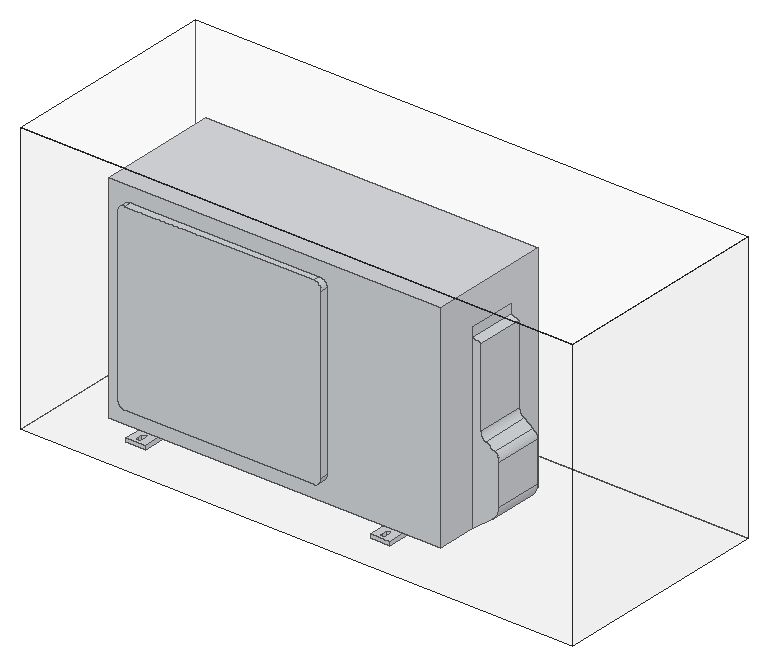
Revit family "mucz-g2556_23_60hz", category 機械設備, Revit 2019
Family settings
  丸型コネクタ寸法 = 直径を使用
  パーツ タイプ = 標準
  OmniClass 番号 = 23.75.10.24.21.27.27
  OmniClass タイトル = Split System Air Conditioning Units
  作業面ベース = いいえ
  常に垂直 = はい
  ロード時にボイドで切り取り = いいえ
  共有 = いいえ
  部屋計算ポイント = いいえ
Parameters (values of type "室外機_MUCZ-G2223(E,EE)")
  風量 = MAX風量  # 1370.0 m³/h
  音響パワーレベル(dB) = if([運転音(強冷房)  db] > [運転音(強暖房)  db], [運転音(強冷房)  db], [運転音(強暖房)  db])  # 59
  電源種別 = ""
  電圧 = 100 V
  電動機出力_送風機 = 22 W
  電動機出力_圧縮機 = 600 W
  運転音(強暖房)  db = 59
  運転音(強冷房)  db = 59
  運転質量 = 0.00 kg
  運転方法 = "冷暖切替"
  質量 = if(製品質量 > 運転質量, 製品質量, 運転質量) * 1.2  # 22.80 kg
  負荷分類 = 10_ファンコイル類
  説明 = "ルームエアコン(霧ヶ峰) GVシリーズ 室外ユニット"
  設計暖房能力 [instance] = 0 kW
  設計冷房能力_顕熱 [instance] = 0 kW
  設計冷房能力 [instance] = 0 kW
  設置方法 = "床置形"
  記号 [instance] = ""
  製造元 = "三菱電機株式会社"
  製品質量 = 19.00 kg
  製品出荷対象 = "国内"
  製品リリース年月 = "-"
  製品グループ = ""
  系統 [instance] = ""
  符号 = "ACR"
  積算_科目 = "1 空気調和設備"
  積算_拾い区分 [instance] = ""
  相 = 1
  盤記号 [instance] = ""
  発停方法 = "付属スイッチ"
  特殊仕様 [instance] = ""
  法定耐用年数 = "6"
  構成品番 = ""
  極数 = 1
  材質 = ""
  本体マテリアル = none
  最大電流値 = 0 A
  暖房能力 = 2.2 kW
  暖房 風量 = 1265.0 m³/h
  推奨ブレーカー容量 = 15 A
  形式 = "パッケージ形 屋外機"
  形名 = MUCZ-G2223 : MUCZ-G2223
  幹線記号 = ""
  始動方式 = "直入"
  呼称 = "パッケージ形空気調和機_室外機"
  周波数 = 60 Hz
  冷房 風量 = 1370.0 m³/h
  冷媒　位置Z = 128.5 mm
  冷媒　位置Y = 136 mm
  冷媒　位置X = 361.5 mm
  価格 = 0
  参照している仕様書等のバージョン = "公共建築物標準仕様書（機械設備工事編）平成31年度版"
  分類コード = "50053004206100"
  分類グループ = ""
  冷房能力 = 2.2 kW
  冷媒管径符号 = "Ab"
  冷媒管径 = 100.00 mm
  冷媒液管径 = 6.35 mm
  冷媒ガス管径 = 9.52 mm
  企業コード = "108420"
  付属品 = ""
  仕様書バージョン = "Version1.0"
  モデル = "MUCZ-G22**"
  ドレン管径 = 42.00 mm
  ドレン　位置Z = 23.5 mm
  ドレン　位置Y = 44 mm
  ドレン　位置X = 0 mm
  サービススペース = yes
  コメント [instance] = ""
  ケーブル種類1 = "VVF"
  Width = 679 mm
  Version = ""
  Uniclass2015Version = "Systems v1.9"
  Uniclass2015Title = "Split coil remote air cooled condensing units"
  Uniclass2015Code = "Pr_70_65_03_84"
  URL = "https://www.mitsubishielectric.co.jp/ldg/wink/"
  SpecificationReference = ""
  SpecificationDescription = ""
  Revision = ""
  ProductInformation = ""
  OmniClassCode = "23-33 17 13 11"
  MAX風量 = 1370.0 m³/h
  IfcTypeProduct = ""
  IfcProduct = ""
  IfcExportType = "AIRCONDITIONINGUNIT"
  IfcExportAs = "IfcUnitaryEquipmentType"
  Height = 453 mm
  FamilyVersion = "v1.7"
  Depth = 249 mm
  Clearance Top = 100 mm
  Clearance Right = 350 mm
  Clearance Left = 100 mm
  Clearance Front = 100 mm
  Clearance Bottom = 0 mm
  Clearance Back = 100 mm
  COP = 4.02
  Author = "三菱電機株式会社"
  APF = 5.8
Types (7, lengths in mm): name | 風量 | 音響パワーレベル(dB) | 電圧 | 電動機出力_送風機 | 電動機出力_圧縮機 | 運転音(強暖房)  db | 運転音(強冷房)  db | 質量 | 製品質量 | 暖房能力 | 暖房 風量 | 形名 | 冷房 風量 | 冷媒　位置Z | 冷媒　位置Y | 冷媒　位置X | 冷房能力 | モデル | ドレン管径 | ドレン　位置Z | ドレン　位置Y | Width | MAX風量 | Height | Depth | Clearance Front | COP | APF
  (no name) | 1370.0 m³/h | 59 | 100 V | 22 W | 600 W | 59 | 59 | 22.80 kg | 19.00 kg | 2.2 kW | 1265.0 m³/h | MUCZ-G2223 : MUCZ-G2223 | 1370.0 m³/h | 128.5 | 136 | 361.5 | 2.2 kW | "MUCZ-G22**" | 42.00 | 23.5 | 44 | 679 | 1370.0 m³/h | 453 | 249 | 100 | 4.02 | 5.8
  室外機_MUCZ-G2223(E,EE) | 1370.0 m³/h | 59 | 100 V | 22 W | 600 W | 59 | 59 | 22.80 kg | 19.00 kg | 2.2 kW | 1265.0 m³/h | MUCZ-G2223 : MUCZ-G2223 | 1370.0 m³/h | 128.5 | 136 | 361.5 | 2.2 kW | "MUCZ-G22**" | 42.00 | 23.5 | 44 | 679 | 1370.0 m³/h | 453 | 249 | 100 | 4.02 | 5.8
  室外機_MUCZ-G2523(E,EE) | 1690.0 m³/h | 61 | 100 V | 22 W | 650 W | 60 | 61 | 22.80 kg | 19.00 kg | 2.8 kW | 1490.0 m³/h | MUCZ-G2523_2823 : MUCZ-G2523_2823 | 1690.0 m³/h | 128.5 | 136 | 361.5 | 2.5 kW | "MUCZ-G25**" | 42.00 | 23.5 | 44 | 679 | 1690.0 m³/h | 453 | 249 | 100 | 3.92 | 5.8
  室外機_MUCZ-G2823(E,EE) | 1710.0 m³/h | 65 | 100 V | 22 W | 750 W | 65 | 62 | 24.00 kg | 20.00 kg | 3.6 kW | 1600.0 m³/h | MUCZ-G2523_2823 : MUCZ-G2523_2823 | 1710.0 m³/h | 128.5 | 136 | 361.5 | 2.8 kW | "MUCZ-G28**" | 42.00 | 23.5 | 44 | 679 | 1710.0 m³/h | 453 | 249 | 100 | 3.73 | 5.8
  室外機_MUCZ-G3623(E,EE) | 2110.0 m³/h | 64 | 100 V | 22 W | 950 W | 64 | 61 | 27.60 kg | 23.00 kg | 4.2 kW | 2015.0 m³/h | MUCZ-G3623 : MUCZ-G3623 | 2110.0 m³/h | 130.5 | 121 | 371.5 | 3.6 kW | "MUCZ-G36**" | 33.00 | 23.5 | 42 | 699 | 2110.0 m³/h | 538 | 249 | 100 | 3 | 4.9
  室外機_MUCZ-G4023S(E,EE) | 2280.0 m³/h | 64 | 200 V | 50 W | 1100 W | 64 | 61 | 33.60 kg | 28.00 kg | 5 kW | 2280.0 m³/h | MUCZ-G4023S_5623S : MUCZ-G4023S_5623S | 2280.0 m³/h | 132.5 | 171 | 429 | 4 kW | "MUCZ-G40**S" | 42.00 | 45 | 44 | 800 | 2280.0 m³/h | 550 | 285 | 200 | 2.9 | 4.9
  室外機_MUCZ-G5623S(E,EE) | 2040.0 m³/h | 68 | 200 V | 50 W | 1500 W | 68 | 65 | 40.80 kg | 34.00 kg | 6.7 kW | 2135.0 m³/h | MUCZ-G4023S_5623S : MUCZ-G4023S_5623S | 2040.0 m³/h | 132.5 | 171 | 429 | 5.6 kW | "MUCZ-G56**S" | 42.00 | 45 | 44 | 800 | 2040.0 m³/h | 550 | 285 | 200 | 2.87 | 5
Reference planes
  plane 1 "中心(正面/背面)": y = 74
  plane 2: z = 0
  plane 3 "中心(左/右)": x = 830
  plane 4 "右": x = 1169.5
  plane 5 "左": x = 490.5
  plane 6 "背面": y = 198.5
  plane 7 "正面": y = -50.5
  plane 8 "上部": z = 453
  plane 9 "Clearanse Top": z = 553
  plane 10 "SS_back": y = 298.5
  plane 11 "SS_front": y = -150.5
  plane 12 "SS_left": x = 390.5
  plane 13 "SS_right": x = 1519.5
  plane 14: z = 0
  plane 15: z = 23.5
  plane 16: z = 24.5
  plane 17: y = 154.5
  plane 18: y = 62.5
  plane 19: z = 128.5
  plane 20: x = 1191.5
  plane 21: z = 50
  plane 22: x = 1168.5
  plane 23: x = 1167.5
  plane 24: y = 63.5
Forms (mm)
  Extrusion 1, solid, material <- "本体マテリアル", detail levels fine
    sketch origin (-1437.329, -1524, 54) x (-1, 0, 0) y (0, -1, 0)
      loop
        circle (-2267.329, -1678.5) r 21
    from -30.5 to -29.5
  Extrusion 2, solid, material <- "本体マテリアル", detail levels fine
    sketch origin (1169.5, 0, 0) x (0, 1, 0) y (0, 0, 1)
      loop
        circle (154.5, 50) r 10
    from -1 to -2
  Extrusion 3, solid, material <- "本体マテリアル", detail levels fine
    sketch origin (0, -50.5, 0) x (1, 0, 0) y (0, 0, 1)
      loop
        circle (1191.5, 128.5) r 25
    from -114 to -113
Dimensions and locks
  equal spacing: plane 7 "正面", plane 1 "中心(正面/背面)", plane 6 "背面"
  "Depth": plane 7 "正面" to plane 6 "背面"
  "Width": plane 5 "左" to plane 4 "右"
  equal spacing: plane 5 "左", plane 3 "中心(左/右)", plane 4 "右"
  "Clearance Left": plane 12 "SS_left" to plane 5 "左"
  "Clearance Right": plane 4 "右" to plane 13 "SS_right"
  "Clearance Back": plane 6 "背面" to plane 10 "SS_back"
  "Clearance Front": plane 11 "SS_front" to plane 7 "正面"
  "Height": plane 8 "上部" to level
  "Clearance Top": plane 9 "Clearanse Top" to plane 8 "上部"
  "Clearance Bottom": level to plane 14
  "ドレン　位置Z": plane 15 to level
  locked: plane 16 to plane 15 at 1
  "冷媒　位置Z": plane 19 to level
  "冷媒　位置X": plane 3 "中心(左/右)" to plane 20
  locked: plane 22 to plane 4 "右" at 1
  plane 21 to level = 50 mm
  locked: plane 23 to plane 22 at 1
  "冷媒　位置Y": plane 18 to plane 6 "背面"
  "ドレン　位置Y": plane 17 to plane 6 "背面"
  locked: plane 18 to plane 24 at 1
  "ドレン管径": diameter of Extrusion 1 sketch curve
  diameter of Extrusion 3 sketch curve = 50 mm
  aligned and locked: level to plane 2
  aligned and locked: plane 10 "SS_back" to nested 1  (x2)
  aligned and locked: plane 13 "SS_right" to nested 1
  aligned and locked: plane 12 "SS_left" to nested 1  (x2)
  aligned and locked: nested 1 to plane 13 "SS_right"
  aligned and locked: plane 11 "SS_front" to nested 1
  aligned and locked: plane 9 "Clearanse Top" to nested 1
  aligned and locked: plane 1 "中心(正面/背面)" to nested 2
  aligned and locked: plane 3 "中心(左/右)" to nested 2
  aligned and locked: plane 14 to nested 1
  aligned and locked: Extrusion 1 to plane 15
  aligned and locked: plane 16 to Extrusion 1
  aligned and locked: plane 17 to Extrusion 1 sketch curve
  aligned and locked: plane 3 "中心(左/右)" to Extrusion 1 sketch curve
  aligned and locked: plane 21 to Extrusion 2 sketch curve
  aligned and locked: plane 17 to Extrusion 2 sketch curve
  aligned and locked: Extrusion 2 to plane 22
  aligned and locked: Extrusion 2 to plane 23
  aligned and locked: plane 19 to Extrusion 3 sketch curve
  aligned and locked: plane 20 to Extrusion 3 sketch curve
  aligned and locked: plane 18 to Extrusion 3
  aligned and locked: Extrusion 3 to plane 24
Automatic sketch dimensions
  radius of Extrusion 2 sketch curve = 10 mm
Nested families
  nested 1: "サービススペース_MUCZ-G25-5623" at (955, 74, 276.5), visible <- "サービススペース", type "サービススペース_MUCZ-G25-5623"
    with Width 1129 mm, Height 553 mm, Depth 449 mm
  nested 2: "MUCZ-G2223" at (830, 74, 0), type <- "形名", マテリアル <- "本体マテリアル", type "MUCZ-G2223"
    with 表示 yes, マテリアル none, ボルトピッチ Y 260 mm, ボルトピッチ X 500 mm, W 679 mm, H 453 mm, D 249 mm
Connectors
  electrical at (1168.5, 154.5, 50), driven by "極数", driven by "負荷分類", driven by "電圧"
    settings: on Extrusion 2, index 1, voltage 100 V, apparent load 655 VA, apparent load phase1 655 VA, apparent load phase2 0 VA, apparent load phase3 0 VA, power factor 1, load classification "10_ファンコイル類", number of poles 1, system type 30, power factor state 1, is connector primary yes, connector utility no, sub classification motor no, connector description ""
  piping at (830, 154.5, 23.5), diameter 42, driven by "ドレン管径"
    settings: on Extrusion 1, index 3, connector inside diameter 609.60 mm, connector length 0 mm, flow factor 0, pipe flow 0.0 L/s, pressure drop 0.0 Pa, fitting loss kfactor 0, connector angle 0.00°, fixture units 0, engagement length 0 mm, angle of deflection 0.00°, flow configuration 1, flow direction 2, fitting loss method 4, system type 16, joint type 0, gender type 0, connector reference index -1, connector utility 0, adjustable connector no, is connector primary yes, connector description ""
  piping at (1191.5, 63.5, 128.5), diameter 100, driven by "冷媒管径", driven by "冷媒管径符号"
    settings: on Extrusion 3, index 4, connector inside diameter 609.60 mm, connector length 0 mm, flow factor 0, pipe flow 0.0 L/s, pressure drop 0.0 Pa, fitting loss kfactor 0, connector angle 0.00°, fixture units 0, engagement length 0 mm, angle of deflection 0.00°, flow configuration 1, flow direction 2, fitting loss method 4, system type 7, joint type 0, gender type 0, connector reference index -1, connector utility 0, adjustable connector no, is connector primary no, connector description "Ab"
Definition of nested family "サービススペース_MUCZ-G25-5623"
  Parameters (values of type "サービススペース")
    Width [instance] = 500 mm
    Height [instance] = 500 mm
    Depth [instance] = 500 mm
  Reference planes
    plane 1 "中心(正面/背面)": y = 0
    plane 2: z = 0
    plane 3 "中心(左/右)": x = 0
    plane 4: y = -250
    plane 5: x = 250
    plane 6: y = 250
    plane 7: x = -250
    plane 8: z = 250
    plane 9: z = -250
  Forms (mm)
    Extrusion 1, solid
      sketch origin (-638.939, 0, 72.39) x (1, 0, 0) y (0, 1, 0)
        loop
          line (388.939, 250) -> (388.939, -250) -> (888.939, -250) -> (888.939, 250) -> (388.939, 250)
      from -322.39 to 177.61
  Lines and regions (mm)
    symbolic lines
      curve 1: line (-250, 0, 250) -> (250, 0, 250)
      curve 2: line (-250, 0, -250) -> (-250, 0, 250)
      curve 3: line (250, 0, -250) -> (-250, 0, -250)
      curve 4: line (250, 0, 250) -> (250, 0, -250)
      curve 5: line (0, -250, 250) -> (0, 250, 250)
      curve 6: line (0, -250, -250) -> (0, -250, 250)
      curve 7: line (0, 250, -250) -> (0, -250, -250)
      curve 8: line (0, 250, 250) -> (0, 250, -250)
      curve 9: line (-250, 250, 0) -> (250, 250, 0)
      curve 10: line (-250, -250, 0) -> (-250, 250, 0)
      curve 11: line (250, -250, 0) -> (-250, -250, 0)
      curve 12: line (250, 250, 0) -> (250, -250, 0)
  Dimensions and locks
    equal spacing: plane 7, plane 3 "中心(左/右)", plane 5
    equal spacing: plane 4, plane 1 "中心(正面/背面)", plane 6
    "Depth": plane 4 to plane 6
    "Width": plane 7 to plane 5
    equal spacing: plane 8, plane 2, plane 9
    "Height": plane 8 to plane 9
    aligned and locked: plane 9 to curve 3
    aligned and locked: plane 7 to curve 2
    aligned and locked: curve 4 to plane 5
    aligned and locked: plane 5 to Extrusion 1
    aligned and locked: Extrusion 1 to plane 7
    aligned and locked: Extrusion 1 to plane 9
    aligned and locked: plane 8 to Extrusion 1
    aligned and locked: plane 9 to curve 7
  Automatic sketch dimensions
    plane 4 to Extrusion 1 sketch curve = 0 mm
    Extrusion 1 sketch curve to plane 7 = 0 mm
    Extrusion 1 sketch curve to plane 5 = 0 mm
    plane 6 to Extrusion 1 sketch curve = 0 mm
    curve 2 to plane 8 = 0 mm
    plane 4 to curve 11 = 0 mm
    curve 11 to plane 7 = 0 mm
    curve 11 to plane 5 = 0 mm
    plane 6 to curve 10 = 0 mm
    curve 7 to plane 4 = 0 mm
    curve 7 to plane 6 = 0 mm
    curve 6 to plane 8 = 0 mm
Definition of nested family "MUCZ-G2223"
  Parameters (values of type "MUCZ-G2223")
    ボルトピッチ Y [instance] = 260 mm  # constant formula
    ボルトピッチ X [instance] = 500 mm  # constant formula
    H [instance] = 453 mm  # constant formula
    D [instance] = 249 mm  # constant formula
    マテリアル [instance] = none
    表示 [instance] = yes
    W [instance] = 679 mm  # constant formula
  Reference planes
    plane 1 "中心(正面/背面)": y = 0
    plane 2: z = 0
    plane 3 "中心(左/右)": x = 0
    plane 4: z = 453
    plane 5: x = -339.5
    plane 6: x = 339.5
    plane 7: y = 124.5
    plane 8: y = -124.5
    plane 9: x = 361.5
    plane 10: x = -263.5
    plane 11: y = 135.5
    plane 12: y = -149.5
    plane 13: y = -134.5
  Forms (mm)
    Extrusion 1, solid, material <- "マテリアル", visible <- "表示", detail levels fine
      sketch origin (-1437.329, -1524, 453) x (-1, 0, 0) y (0, -1, 0)
        loop
          line (-1153.829, -1635) -> (-1153.829, -1409.5) -> (-1193.829, -1409.5) -> (-1193.829, -1635) -> (-1153.829, -1635)
        loop
          line (-1653.829, -1635) -> (-1653.829, -1409.5) -> (-1693.829, -1409.5) -> (-1693.829, -1635) -> (-1653.829, -1635)
      from -453 to -439.5
    Extrusion 2, solid, material <- "マテリアル", visible <- "表示", detail levels fine
      sketch origin (-1437.329, -1524, 453) x (-1, 0, 0) y (0, -1, 0)
        loop
          line (-1776.829, -1628.5) -> (-1097.829, -1628.5) -> (-1097.829, -1399.5) -> (-1776.829, -1399.5) -> (-1776.829, -1628.5)
      from -429.5 to 0
    Blend 3, solid, material <- "マテリアル", visible <- "表示", detail levels fine
      base sketch origin (0, 0, 0) x (0, 1, 0) y (0, 0, 1)
        loop
          line (21.3, 444.8) -> (-68.7, 444.8) -> (-68.7, 438) -> (21.3, 438) -> (21.3, 444.8)
      top sketch origin (0, 0, 0) x (0, 1, 0) y (0, 0, 1)
        loop
          line (8.8, 440) -> (-56.2, 440) -> (-56.2, 438) -> (8.8, 438) -> (8.8, 440)
      from -339.5 to -352.5
    Extrusion 4, solid, material <- "マテリアル", visible <- "表示", detail levels fine
      sketch origin (0, 0, 0) x (1, 0, 0) y (0, 0, 1)
        loop
          line (339.5, 383.5) -> (339.5, 13.5) -> (382.554, 45.944)
          arc (382.554, 45.944) -> (391.348, 56.517) -> (394.5, 69.903) r 30
          line (394.5, 69.903) -> (394.5, 152.957)
          arc (394.5, 152.957) -> (392.192, 162.284) -> (385.802, 169.458) r 20
          line (385.802, 169.458) -> (366.698, 182.542)
          arc (366.698, 182.542) -> (360.308, 189.716) -> (358, 199.043) r 20
          line (358, 199.043) -> (358, 357.5) -> (341, 365.1) -> (341, 383.5) -> (339.5, 383.5)
      from -53.5 to 43.5
    Extrusion 5, solid, material <- "マテリアル", visible <- "表示", detail levels fine
      sketch origin (-1437.329, -1524, 453) x (-1, 0, 0) y (0, -1, 0)
        loop
          line (-1153.829, -1659.5) -> (-1153.829, -1635) -> (-1193.829, -1635) -> (-1193.829, -1659.5) -> (-1178.829, -1659.5) -> (-1178.829, -1642.5)
          arc (-1178.829, -1642.5) -> (-1173.829, -1637.5) -> (-1168.829, -1642.5) r 5
          line (-1168.829, -1642.5) -> (-1168.829, -1659.5) -> (-1153.829, -1659.5)
        loop
          line (-1653.829, -1659.5) -> (-1653.829, -1635) -> (-1693.829, -1635) -> (-1693.829, -1659.5) -> (-1678.829, -1659.5) -> (-1678.829, -1642.5)
          arc (-1678.829, -1642.5) -> (-1673.829, -1637.5) -> (-1668.829, -1642.5) r 5
          line (-1668.829, -1642.5) -> (-1668.829, -1659.5) -> (-1653.829, -1659.5)
        loop
          line (-1653.829, -1409.5) -> (-1653.829, -1374.5) -> (-1693.829, -1374.5) -> (-1693.829, -1409.5) -> (-1653.829, -1409.5)
        loop
          line (-1153.829, -1409.5) -> (-1153.829, -1374.5) -> (-1193.829, -1374.5) -> (-1193.829, -1409.5) -> (-1153.829, -1409.5)
        loop
          arc (-1678.829, -1393.5) -> (-1673.829, -1398.5) -> (-1668.829, -1393.5) r 5
          line (-1668.829, -1393.5) -> (-1668.829, -1384.5)
          arc (-1668.829, -1384.5) -> (-1673.829, -1379.5) -> (-1678.829, -1384.5) r 5
          line (-1678.829, -1384.5) -> (-1678.829, -1393.5)
        loop
          line (-1168.829, -1394.915) -> (-1168.829, -1385.906)
          arc (-1168.829, -1385.906) -> (-1173.879, -1380.856) -> (-1178.928, -1385.906) r 5.05
          line (-1178.928, -1385.906) -> (-1178.928, -1394.915)
          arc (-1178.928, -1394.915) -> (-1173.879, -1399.965) -> (-1168.829, -1394.915) r 5.05
      from -446 to -453
    Extrusion 6, solid, material <- "マテリアル", visible <- "表示", detail levels fine
      sketch origin (1480.036, -173.2, 1200) x (1, 0, 0) y (0, 0, 1)
        loop
          line (-1788.036, -791.7) -> (-1788.036, -1134.7)
          arc (-1788.036, -1134.7) -> (-1783.643, -1145.307) -> (-1773.036, -1149.7) r 15
          line (-1773.036, -1149.7) -> (-1388.036, -1149.7)
          arc (-1388.036, -1149.7) -> (-1377.43, -1145.307) -> (-1373.036, -1134.7) r 15
          line (-1373.036, -1134.7) -> (-1373.036, -791.7)
          arc (-1373.036, -791.7) -> (-1377.43, -781.093) -> (-1388.036, -776.7) r 15
          line (-1388.036, -776.7) -> (-1773.036, -776.7)
          arc (-1773.036, -776.7) -> (-1783.643, -781.093) -> (-1788.036, -791.7) r 15
      from -48.7 to -33.7
    Sweep 7, solid, visible <- "表示", detail levels fine
      path in 3D
        loop
          line (361.5, -11.5, 156) -> (361.5, 7.568, 172)
      profile origin (361.5, -1.966, 164) x (0, -0.642788, 0.766044) y (1, 0, 0)
        loop
          circle (0, 0) r 6.35
    Sweep 8, solid, visible <- "表示", detail levels fine
      path in 3D
        loop
          line (361.5, -11.5, 101) -> (361.5, 6.73, 118)
      profile origin (361.5, -2.385, 109.5) x (0, -0.681998, 0.731354) y (1, 0, 0)
        loop
          circle (0, 0) r 9.52
    Extrusion 9, solid, material <- "マテリアル", visible <- "表示", detail levels fine
      sketch origin (1480.036, -173.2, 1200) x (1, 0, 0) y (0, 0, 1)
        loop
          line (-1819.536, -747) -> (-1819.536, -1186.5) -> (-1140.536, -1186.5) -> (-1140.536, -747) -> (-1819.536, -747)
        loop
          line (-1255.536, -771) -> (-1779.536, -771) -> (-1779.536, -1154) -> (-1255.536, -1154) -> (-1255.536, -771)
      from -297.7 to -277.7
    Extrusion 10, solid, material <- "マテリアル", visible <- "表示", detail levels fine
      sketch origin (0, 0, 0) x (1, 0, 0) y (0, 1, 0)
        loop
          line (-339.5, 104.5) -> (-339.5, -124.5) -> (339.5, -124.5) -> (339.5, 104.5) -> (-339.5, 104.5)
        loop
          circle (0, 80.5) r 21
      from 13.5 to 23.5
  Cuts and joins
    joined: Extrusion 1, Extrusion 5
    joined: Extrusion 2, Extrusion 9, Extrusion 10
  Lines and regions (mm)
    Masking region 1, visible <- "表示", detail levels coarse+medium
      outline origin (-1437.329, -1524, 453) x (-1, 0, 0) y (0, -1, 0)
        loop
          line (-1776.829, -1399.5) -> (-1776.829, -1648.5) -> (-1097.829, -1648.5) -> (-1097.829, -1399.5) -> (-1776.829, -1399.5)
    model lines, visible <- "表示", detail levels fine
      curve 1: line (-319, -98.5, 453) -> (319, -98.5, 453)
      curve 2: line (-319, -83.5, 453) -> (319, -83.5, 453)
      curve 3: line (-319, -83.5, 453) -> (-319, -98.5, 453)
      curve 4: line (319, -98.5, 453) -> (319, -83.5, 453)
      curve 5: line (-319, -65.5, 453) -> (319, -65.5, 453)
      curve 6: line (-319, -50.5, 453) -> (319, -50.5, 453)
      curve 7: line (-319, -50.5, 453) -> (-319, -65.5, 453)
      curve 8: line (319, -65.5, 453) -> (319, -50.5, 453)
      curve 9: line (-319, -32.5, 453) -> (319, -32.5, 453)
      curve 10: line (-319, -17.5, 453) -> (319, -17.5, 453)
      curve 11: line (-319, -17.5, 453) -> (-319, -32.5, 453)
      curve 12: line (319, -32.5, 453) -> (319, -17.5, 453)
      curve 13: line (-319, 0.5, 453) -> (319, 0.5, 453)
      curve 14: line (-319, 15.5, 453) -> (319, 15.5, 453)
      curve 15: line (-319, 15.5, 453) -> (-319, 0.5, 453)
      curve 16: line (319, 0.5, 453) -> (319, 15.5, 453)
      curve 17: line (-319, 69, 453) -> (319, 69, 453)
      curve 18: line (-319, 84, 453) -> (319, 84, 453)
      curve 19: line (-319, 84, 453) -> (-319, 69, 453)
      curve 20: line (319, 69, 453) -> (319, 84, 453)
      curve 21: line (-308, -139.5, 78.3) -> (107, -139.5, 78.3)
      curve 22: line (-308, -139.5, 176.3) -> (107, -139.5, 176.3)
      curve 23: line (107, -139.5, 395.3) -> (-308, -139.5, 395.3)
      curve 24: line (107, -139.5, 372.3) -> (-308, -139.5, 372.3)
      curve 25: line (107, -139.5, 274.3) -> (-308, -139.5, 274.3)
      curve 26: line (-100.5, -139.5, 423.3) -> (-100.5, -139.5, 50.3)
      curve 27: circle (-100.5, -139.5, 236.8) r 186 normal (0, -1, 0)
      curve 28: arc (-213, -139.5, 423.529) -> (-271.36, -139.5, 372.191) -> (-308, -139.5, 303.641) r 218
      curve 29: arc (-308, -139.5, 169.959) -> (-271.36, -139.5, 101.409) -> (-213, -139.5, 50.071) r 218
      curve 30: arc (12, -139.5, 50.071) -> (70.36, -139.5, 101.409) -> (107, -139.5, 169.959) r 218
      curve 31: arc (107, -139.5, 303.641) -> (70.36, -139.5, 372.191) -> (12, -139.5, 423.529) r 218
      curve 32: line (-108, -139.5, 50.3) -> (-108, -139.5, 423.3)
      curve 33: line (-115.5, -139.5, 50.3) -> (-115.5, -139.5, 423.3)
      curve 34: line (-123, -139.5, 50.3) -> (-123, -139.5, 423.3)
      curve 35: line (-130.5, -139.5, 50.3) -> (-130.5, -139.5, 423.3)
      curve 36: line (-138, -139.5, 50.3) -> (-138, -139.5, 423.3)
      curve 37: line (-145.5, -139.5, 50.3) -> (-145.5, -139.5, 423.3)
      curve 38: line (-153, -139.5, 50.3) -> (-153, -139.5, 423.3)
      curve 39: line (-160.5, -139.5, 50.3) -> (-160.5, -139.5, 423.3)
      curve 40: line (-168, -139.5, 50.3) -> (-168, -139.5, 423.3)
      curve 41: line (-175.5, -139.5, 50.3) -> (-175.5, -139.5, 423.3)
      curve 42: line (-183, -139.5, 50.3) -> (-183, -139.5, 423.3)
      curve 43: line (-190.5, -139.5, 50.3) -> (-190.5, -139.5, 423.3)
      curve 44: line (-198, -139.5, 50.3) -> (-198, -139.5, 423.3)
      curve 45: line (-205.5, -139.5, 50.3) -> (-205.5, -139.5, 423.3)
      curve 46: line (-213, -139.5, 50.071) -> (-213, -139.5, 423.529)
      curve 47: line (-220.5, -139.5, 50.071) -> (-220.5, -139.5, 423.529)
      curve 48: line (-228, -139.5, 50.071) -> (-228, -139.5, 423.529)
      curve 49: line (-235.5, -139.5, 50.071) -> (-235.5, -139.5, 423.529)
      curve 50: line (-243, -139.5, 50.071) -> (-243, -139.5, 423.529)
      curve 51: line (-250.5, -139.5, 50.071) -> (-250.5, -139.5, 423.529)
      curve 52: line (-258, -139.5, 50.071) -> (-258, -139.5, 423.529)
      curve 53: line (-265.5, -139.5, 50.071) -> (-265.5, -139.5, 423.529)
      curve 54: line (-273, -139.5, 50.071) -> (-273, -139.5, 423.529)
      curve 55: line (-280.5, -139.5, 50.071) -> (-280.5, -139.5, 423.529)
      curve 56: line (-288, -139.5, 50.071) -> (-288, -139.5, 423.529)
      curve 57: line (-295.5, -139.5, 78.3) -> (-295.5, -139.5, 395.3)
      curve 58: line (-303, -139.5, 78.3) -> (-303, -139.5, 395.3)
      curve 59: line (-93, -139.5, 50.3) -> (-93, -139.5, 423.3)
      curve 60: line (-85.5, -139.5, 50.3) -> (-85.5, -139.5, 423.3)
      curve 61: line (-78, -139.5, 50.3) -> (-78, -139.5, 423.3)
      curve 62: line (-70.5, -139.5, 50.3) -> (-70.5, -139.5, 423.3)
      curve 63: line (-63, -139.5, 50.3) -> (-63, -139.5, 423.3)
      curve 64: line (-55.5, -139.5, 50.3) -> (-55.5, -139.5, 423.3)
      curve 65: line (-48, -139.5, 50.3) -> (-48, -139.5, 423.3)
      curve 66: line (-40.5, -139.5, 50.3) -> (-40.5, -139.5, 423.3)
      curve 67: line (-33, -139.5, 50.3) -> (-33, -139.5, 423.3)
      curve 68: line (-25.5, -139.5, 50.3) -> (-25.5, -139.5, 423.3)
      curve 69: line (-18, -139.5, 50.3) -> (-18, -139.5, 423.3)
      curve 70: line (-10.5, -139.5, 50.3) -> (-10.5, -139.5, 423.3)
      curve 71: line (-3, -139.5, 50.3) -> (-3, -139.5, 423.3)
      curve 72: line (4.5, -139.5, 50.3) -> (4.5, -139.5, 423.3)
      curve 73: line (12, -139.5, 50.071) -> (12, -139.5, 423.529)
      curve 74: line (19.5, -139.5, 50.071) -> (19.5, -139.5, 423.529)
      curve 75: line (27, -139.5, 50.071) -> (27, -139.5, 423.529)
      curve 76: line (34.5, -139.5, 50.071) -> (34.5, -139.5, 423.529)
      curve 77: line (42, -139.5, 50.071) -> (42, -139.5, 423.529)
      curve 78: line (49.5, -139.5, 50.071) -> (49.5, -139.5, 423.529)
      curve 79: line (57, -139.5, 50.071) -> (57, -139.5, 423.529)
      curve 80: line (64.5, -139.5, 50.071) -> (64.5, -139.5, 423.529)
      curve 81: line (72, -139.5, 50.071) -> (72, -139.5, 423.529)
      curve 82: line (79.5, -139.5, 50.071) -> (79.5, -139.5, 423.529)
      curve 83: line (87, -139.5, 50.071) -> (87, -139.5, 423.529)
      curve 84: line (94.5, -139.5, 78.3) -> (94.5, -139.5, 395.3)
      curve 85: line (102, -139.5, 78.3) -> (102, -139.5, 395.3)
      curve 86: line (277.5, -124.5, 100.3) -> (277.5, -124.5, 299.7)
      curve 87: line (282.5, -124.5, 299.7) -> (282.5, -124.5, 100.3)
      curve 88: line (277.5, -124.5, 100.3) -> (282.5, -124.5, 100.3)
      curve 89: line (282.5, -124.5, 299.7) -> (277.5, -124.5, 299.7)
      curve 90: line (247.5, -124.5, 100.3) -> (247.5, -124.5, 299.7)
      curve 91: line (252.5, -124.5, 299.7) -> (252.5, -124.5, 100.3)
      curve 92: line (247.5, -124.5, 100.3) -> (252.5, -124.5, 100.3)
      curve 93: line (252.5, -124.5, 299.7) -> (247.5, -124.5, 299.7)
      curve 94: line (217.5, -124.5, 100.3) -> (217.5, -124.5, 299.7)
      curve 95: line (222.5, -124.5, 299.7) -> (222.5, -124.5, 100.3)
      curve 96: line (217.5, -124.5, 100.3) -> (222.5, -124.5, 100.3)
      curve 97: line (222.5, -124.5, 299.7) -> (217.5, -124.5, 299.7)
      curve 98: line (187.5, -124.5, 100.3) -> (187.5, -124.5, 299.7)
      curve 99: line (192.5, -124.5, 299.7) -> (192.5, -124.5, 100.3)
      curve 100: line (187.5, -124.5, 100.3) -> (192.5, -124.5, 100.3)
      curve 101: line (192.5, -124.5, 299.7) -> (187.5, -124.5, 299.7)
      curve 102: line (157.5, -124.5, 100.3) -> (157.5, -124.5, 299.7)
      curve 103: line (162.5, -124.5, 299.7) -> (162.5, -124.5, 100.3)
      curve 104: line (157.5, -124.5, 100.3) -> (162.5, -124.5, 100.3)
      curve 105: line (162.5, -124.5, 299.7) -> (157.5, -124.5, 299.7)
      curve 106: line (-339.5, -100.5, 397.224) -> (-339.5, -100.5, 45.089)
      curve 107: line (-339.5, -85.5, 397.224) -> (-339.5, -85.5, 45.089)
      curve 108: line (-339.5, 27.3, 400) -> (-339.5, 27.3, 54.3)
      curve 109: line (-339.5, 37.3, 400) -> (-339.5, 37.3, 54.3)
      curve 110: arc (-339.5, -100.5, 45.089) -> (-339.5, -93, 37.589) -> (-339.5, -85.5, 45.089) r 7.5
      curve 111: arc (-339.5, 27.3, 54.3) -> (-339.5, 32.3, 49.3) -> (-339.5, 37.3, 54.3) r 5
      curve 112: arc (-339.5, -85.5, 397.224) -> (-339.5, -93, 404.724) -> (-339.5, -100.5, 397.224) r 7.5
      curve 113: arc (-339.5, 37.3, 400) -> (-339.5, 32.3, 405) -> (-339.5, 27.3, 400) r 5
    sketch lines
      curve 114: line (361.5, -11.5, 156) -> (361.5, 7.568, 172)
      curve 115: line (361.5, -11.5, 101) -> (361.5, 6.73, 118)
    symbolic lines
      curve 116: line (-339.5, 124.5, 0) -> (339.5, 124.5, 0)
      curve 117: line (-339.5, -124.5, 0) -> (-339.5, 124.5, 0)
      curve 118: line (339.5, -124.5, 0) -> (-339.5, -124.5, 0)
      curve 119: line (339.5, 124.5, 0) -> (339.5, -124.5, 0)
  Dimensions and locks
    equal spacing: plane 8, plane 1 "中心(正面/背面)", plane 7
    "D": plane 8 to plane 7
    equal spacing: plane 5, plane 3 "中心(左/右)", plane 6
    "W": plane 5 to plane 6
    "H": plane 4 to level
    plane 7 to plane 1 "中心(正面/背面)" to plane 8 = 124.5 mm, 124.5 mm
    locked: plane 12 to plane 13 at 15
    locked: plane 12 to plane 11 at 285
    locked: plane 5 to plane 10 at 76
    aligned and locked: level to plane 2
    aligned and locked: Extrusion 1 to level
    aligned and locked: Extrusion 2 sketch curve to plane 8
    aligned and locked: Extrusion 2 sketch curve to plane 5
    aligned and locked: Extrusion 2 sketch curve to plane 6
    aligned and locked: plane 5 to Blend 3
    aligned and locked: Extrusion 4 sketch curve to plane 6
    aligned and locked: level to Extrusion 5
    aligned and locked: Extrusion 6 to plane 8
    aligned and locked: plane 4 to Extrusion 2
    aligned and locked: Extrusion 9 sketch curve to plane 5
    aligned and locked: Extrusion 9 sketch curve to plane 4
    aligned and locked: Extrusion 9 sketch curve to plane 6
    aligned and locked: Extrusion 9 to plane 7
    aligned and locked: Extrusion 10 sketch curve to plane 5
    aligned and locked: Extrusion 10 sketch curve to plane 8
    aligned and locked: Extrusion 10 sketch curve to plane 6
    aligned and locked: Extrusion 10 sketch curve to cut or joined group of Extrusion 2, Extrusion 9, Extrusion 10
    aligned and locked: plane 10 to nested 1
    aligned and locked: plane 13 to nested 1
  Automatic sketch dimensions
    plane 7 to Extrusion 1 sketch curve = 13.5 mm  (x2)
    Extrusion 1 sketch curve to plane 6 = 83 mm
    Extrusion 1 sketch curve to plane 8 = 10 mm  (x2)
    Extrusion 1 sketch curve to Extrusion 1 sketch curve = 40 mm  (x2)
    plane 5 to Extrusion 1 sketch curve = 96 mm
    Blend 3 sketch curve to plane 4 = 8.2 mm
    Blend 3 sketch curve to plane 8 = 55.8 mm
    Blend 3 sketch curve to plane 1 "中心(正面/背面)" = 21.3 mm
    Blend 3 sketch curve to Blend 3 sketch curve = 6.8 mm
    Blend 3 sketch curve to plane 4 = 13 mm
    plane 1 "中心(正面/背面)" to Blend 3 sketch curve = 56.2 mm
    Blend 3 sketch curve to plane 1 "中心(正面/背面)" = 8.8 mm
    Blend 3 sketch curve to Blend 3 sketch curve = 2 mm
    plane 6 to Extrusion 4 sketch curve = 1.5 mm
    plane 6 to Extrusion 4 sketch curve = 18.5 mm
    plane 6 to Extrusion 4 sketch curve = 25 mm
    Extrusion 4 sketch curve to Extrusion 4 sketch curve = 8.698 mm  (x2)
    Extrusion 4 sketch curve to Extrusion 4 sketch curve = 7.802 mm
    Extrusion 4 sketch curve to Extrusion 4 sketch curve = 20 mm
    Extrusion 4 sketch curve to Extrusion 4 sketch curve = 18.054 mm
    Extrusion 4 sketch curve to Extrusion 4 sketch curve = 11.302 mm
    Extrusion 4 sketch curve to Extrusion 4 sketch curve = 83.054 mm
    Extrusion 4 sketch curve to Extrusion 4 sketch curve = 13.085 mm
    Extrusion 4 sketch curve to plane 4 = 95.5 mm
    Extrusion 4 sketch curve to Extrusion 4 sketch curve = 7.6 mm
    Extrusion 4 sketch curve to Extrusion 4 sketch curve = 18.4 mm
    curve 20 to plane 6 = 20.5 mm
    curve 1 to plane 6 = 20.5 mm
    curve 16 to plane 6 = 20.5 mm
    curve 5 to curve 2 = 0 mm
    curve 12 to curve 13 = 0 mm
    plane 5 to curve 11 = 20.5 mm
    plane 5 to curve 7 = 20.5 mm
    curve 13 to plane 1 "中心(正面/背面)" = 0.5 mm
    curve 13 to curve 10 = 0 mm
    plane 5 to curve 3 = 20.5 mm
    plane 5 to curve 17 = 20.5 mm
    curve 15 to curve 13 = 15 mm
    curve 20 to curve 14 = 53.5 mm
    curve 20 to curve 17 = 15 mm
    plane 1 "中心(正面/背面)" to curve 12 = 17.5 mm
    curve 10 to curve 11 = 15 mm
    curve 9 to curve 8 = 18 mm
    curve 6 to curve 8 = 15 mm
    curve 5 to curve 2 = 18 mm
    curve 2 to curve 3 = 15 mm
    plane 8 to Extrusion 5 sketch curve = 25 mm  (x2)
    Extrusion 5 sketch curve to plane 6 = 83 mm  (x2)
    Extrusion 5 sketch curve to plane 7 = 11 mm  (x3)
    Extrusion 5 sketch curve to Extrusion 5 sketch curve = 15 mm  (x7)
    Extrusion 5 sketch curve to Extrusion 5 sketch curve = 5 mm  (x3)
    plane 5 to Extrusion 5 sketch curve = 96 mm  (x2)
    plane 8 to Extrusion 5 sketch curve = 4.585 mm
    Extrusion 5 sketch curve to Extrusion 5 sketch curve = 14.901 mm
    Extrusion 5 sketch curve to Extrusion 5 sketch curve = 5.05 mm
    Extrusion 5 sketch curve to Extrusion 5 sketch curve = 0 mm
    plane 7 to Extrusion 5 sketch curve = 6 mm  (x2)
    plane 7 to Extrusion 5 sketch curve = 13.5 mm  (x2)
    Extrusion 5 sketch curve to plane 8 = 10 mm  (x2)
    plane 8 to Extrusion 5 sketch curve = 6 mm
    Extrusion 5 sketch curve to Extrusion 5 sketch curve = 9.009 mm
    Extrusion 5 sketch curve to Extrusion 5 sketch curve = 9 mm
    plane 5 to Extrusion 6 sketch curve = 31.5 mm
    Extrusion 6 sketch curve to Extrusion 6 sketch curve = 15 mm  (x3)
    plane 3 "中心(左/右)" to Extrusion 6 sketch curve = 92 mm  (x2)
    Extrusion 6 sketch curve to plane 4 = 44.7 mm
    curve 27 to curve 28 = 0 mm  (x2)
    curve 27 to curve 29 = 0 mm  (x2)
    curve 27 to curve 30 = 0 mm  (x2)
    curve 27 to curve 31 = 0 mm  (x2)
    Extrusion 6 to curve 21 = 0 mm
    Extrusion 6 to curve 28 = 0 mm
    Extrusion 6 to curve 22 = 0 mm
    Extrusion 6 to curve 29 = 0 mm
    Extrusion 6 to curve 23 = 0 mm
    Extrusion 6 to curve 25 = 0 mm
    Extrusion 6 to curve 24 = 0 mm
    curve 45 to Extrusion 6 = 0 mm  (x2)
    curve 44 to Extrusion 6 = 0 mm  (x2)
    curve 43 to Extrusion 6 = 0 mm  (x2)
    curve 42 to Extrusion 6 = 0 mm  (x2)
    curve 41 to Extrusion 6 = 0 mm  (x2)
    curve 40 to Extrusion 6 = 0 mm  (x2)
    curve 39 to Extrusion 6 = 0 mm  (x2)
    curve 38 to Extrusion 6 = 0 mm  (x2)
    curve 37 to Extrusion 6 = 0 mm  (x2)
    curve 36 to Extrusion 6 = 0 mm  (x2)
    curve 35 to Extrusion 6 = 0 mm  (x2)
    curve 34 to Extrusion 6 = 0 mm  (x2)
    curve 33 to Extrusion 6 = 0 mm  (x2)
    curve 32 to Extrusion 6 = 0 mm  (x2)
    curve 26 to Extrusion 6 = 0 mm  (x2)
    curve 59 to Extrusion 6 = 0 mm  (x2)
    curve 60 to Extrusion 6 = 0 mm  (x2)
    curve 61 to Extrusion 6 = 0 mm  (x2)
    curve 62 to Extrusion 6 = 0 mm  (x2)
    curve 63 to Extrusion 6 = 0 mm  (x2)
    curve 64 to Extrusion 6 = 0 mm  (x2)
    curve 65 to Extrusion 6 = 0 mm  (x2)
    curve 66 to Extrusion 6 = 0 mm  (x2)
    curve 67 to Extrusion 6 = 0 mm  (x2)
    curve 68 to Extrusion 6 = 0 mm  (x2)
    curve 69 to Extrusion 6 = 0 mm  (x2)
    curve 70 to Extrusion 6 = 0 mm  (x2)
    curve 71 to Extrusion 6 = 0 mm  (x2)
    curve 72 to Extrusion 6 = 0 mm  (x2)
    curve 22 to Extrusion 6 = 0 mm
    curve 24 to Extrusion 6 = 0 mm
    curve 25 to Extrusion 6 = 0 mm
    curve 31 to Extrusion 6 = 0 mm
    curve 30 to Extrusion 6 = 0 mm
    curve 23 to Extrusion 6 = 0 mm
    curve 21 to Extrusion 6 = 0 mm
    Extrusion 6 to curve 46 = 0.229 mm  (x2)
    curve 46 to Extrusion 6 = 95 mm
    curve 31 to Extrusion 6 = 207.5 mm
    Extrusion 6 to curve 73 = 0.229 mm  (x2)
    curve 73 to Extrusion 6 = 95 mm
    curve 30 to Extrusion 6 = 186.5 mm
    curve 58 to Extrusion 6 = 5 mm
    curve 58 to curve 57 = 7.5 mm
    Extrusion 6 to curve 56 = 0.229 mm  (x2)
    curve 56 to Extrusion 6 = 20 mm
    Extrusion 6 to curve 55 = 0.229 mm  (x2)
    curve 56 to curve 55 = 7.5 mm
    Extrusion 6 to curve 54 = 0.229 mm  (x2)
    curve 55 to curve 54 = 7.5 mm
    Extrusion 6 to curve 53 = 0.229 mm  (x2)
    curve 54 to curve 53 = 7.5 mm
    Extrusion 6 to curve 52 = 0.229 mm  (x2)
    curve 53 to curve 52 = 7.5 mm
    Extrusion 6 to curve 51 = 0.229 mm  (x2)
    curve 52 to curve 51 = 7.5 mm
    Extrusion 6 to curve 50 = 0.229 mm  (x2)
    curve 51 to curve 50 = 7.5 mm
    Extrusion 6 to curve 49 = 0.229 mm  (x2)
    curve 50 to curve 49 = 7.5 mm
    Extrusion 6 to curve 48 = 0.229 mm  (x2)
    curve 49 to curve 48 = 7.5 mm
    Extrusion 6 to curve 47 = 0.229 mm  (x2)
    curve 47 to curve 28 = 7.5 mm
    curve 46 to curve 45 = 7.5 mm
    curve 45 to curve 44 = 7.5 mm
    curve 44 to curve 43 = 7.5 mm
    curve 43 to curve 42 = 7.5 mm
    curve 42 to curve 41 = 7.5 mm
    curve 41 to curve 40 = 7.5 mm
    curve 40 to curve 39 = 7.5 mm
    curve 39 to curve 38 = 7.5 mm
    curve 38 to curve 37 = 7.5 mm
    curve 37 to curve 36 = 7.5 mm
    curve 36 to curve 35 = 7.5 mm
    curve 35 to curve 34 = 7.5 mm
    curve 34 to curve 33 = 7.5 mm
    curve 33 to curve 32 = 7.5 mm
    curve 32 to curve 26 = 7.5 mm
    curve 26 to curve 59 = 7.5 mm
    curve 59 to curve 60 = 7.5 mm
    curve 60 to curve 61 = 7.5 mm
    curve 61 to curve 62 = 7.5 mm
    curve 62 to curve 63 = 7.5 mm
    curve 63 to curve 64 = 7.5 mm
    curve 64 to curve 65 = 7.5 mm
    curve 65 to curve 66 = 7.5 mm
    curve 66 to curve 67 = 7.5 mm
    curve 67 to curve 68 = 7.5 mm
    curve 68 to curve 69 = 7.5 mm
    curve 69 to curve 70 = 7.5 mm
    curve 70 to curve 71 = 7.5 mm
    curve 71 to curve 72 = 7.5 mm
    Extrusion 6 to curve 74 = 0.229 mm  (x2)
    curve 31 to curve 74 = 7.5 mm
    Extrusion 6 to curve 75 = 0.229 mm  (x2)
    curve 74 to curve 75 = 7.5 mm
    Extrusion 6 to curve 76 = 0.229 mm  (x2)
    curve 75 to curve 76 = 7.5 mm
    Extrusion 6 to curve 77 = 0.229 mm  (x2)
    curve 76 to curve 77 = 7.5 mm
    Extrusion 6 to curve 78 = 0.229 mm  (x2)
    curve 77 to curve 78 = 7.5 mm
    Extrusion 6 to curve 79 = 0.229 mm  (x2)
    curve 78 to curve 79 = 7.5 mm
    Extrusion 6 to curve 80 = 0.229 mm  (x2)
    curve 79 to curve 80 = 7.5 mm
    Extrusion 6 to curve 81 = 0.229 mm  (x2)
    curve 80 to curve 81 = 7.5 mm
    Extrusion 6 to curve 82 = 0.229 mm  (x2)
    curve 81 to curve 82 = 7.5 mm
    Extrusion 6 to curve 83 = 0.229 mm  (x2)
    curve 82 to curve 83 = 7.5 mm
    curve 84 to Extrusion 6 = 12.5 mm
    curve 85 to Extrusion 6 = 5 mm
    curve 58 to Extrusion 6 = 28 mm
    curve 30 to curve 22 = 6.341 mm
    curve 25 to curve 31 = 29.341 mm
    curve 24 to Extrusion 6 = 51 mm
    curve 24 to curve 85 = 23 mm
    curve 106 to plane 8 = 24 mm
    curve 106 to curve 112 = 7.5 mm
    curve 111 to curve 109 = 5 mm
    curve 108 to plane 1 "中心(正面/背面)" = 27.3 mm
    curve 109 to plane 4 = 53 mm
    curve 107 to plane 4 = 55.776 mm
    curve 88 to Extrusion 2 = 57 mm
    curve 87 to curve 88 = 5 mm
    curve 86 to curve 93 = 25 mm
    curve 91 to curve 90 = 5 mm
    curve 90 to curve 96 = 25 mm
    curve 95 to curve 94 = 5 mm
    curve 94 to curve 100 = 25 mm
    curve 99 to curve 100 = 5 mm
    curve 98 to curve 104 = 25 mm
    curve 103 to curve 104 = 5 mm
    Extrusion 2 to curve 105 = 153.3 mm
    curve 86 to curve 103 = 0 mm
    curve 101 to curve 103 = 0 mm
    curve 90 to curve 86 = 0 mm
    curve 97 to curve 99 = 0 mm
    Extrusion 2 to curve 96 = 76.8 mm
    curve 92 to curve 95 = 0 mm
    curve 98 to curve 94 = 0 mm
    curve 88 to curve 91 = 0 mm
    curve 102 to curve 98 = 0 mm
    Sweep 7 sketch curve to profile plane = 0 mm  (x2)
    Sweep 8 sketch curve to profile plane = 0 mm  (x2)
    plane 7 to Masking region 1 sketch curve = 0 mm
    plane 8 to Masking region 1 sketch curve = 0 mm
    Masking region 1 sketch curve to plane 5 = 0 mm
    Masking region 1 sketch curve to plane 6 = 0 mm
    curve 118 to plane 5 = 0 mm
    curve 118 to plane 6 = 0 mm
    plane 8 to curve 118 = 0 mm
    plane 7 to curve 117 = 0 mm
    plane 7 to Extrusion 2 sketch curve = 20 mm
    plane 5 to Extrusion 9 sketch curve = 40 mm
    Extrusion 9 sketch curve to plane 6 = 115 mm
    Extrusion 9 sketch curve to plane 4 = 24 mm
    Extrusion 10 sketch curve to plane 3 "中心(左/右)" = 0 mm
    plane 7 to Extrusion 10 sketch curve = 44 mm
    Extrusion 10 sketch curve to Extrusion 10 sketch curve = 21 mm
    Extrusion 4 sketch curve to Extrusion 4 sketch curve = 158.457 mm
    level to Extrusion 4 sketch curve = 13.5 mm
    level to curve 108 = 54.3 mm
    level to curve 110 = 45.089 mm
    level to Extrusion 6 sketch curve = 65.3 mm
    level to Extrusion 9 sketch curve = 46 mm
    level to Extrusion 9 sketch curve = 13.5 mm
    radius of curve 27 = 186 mm
    radius of Sweep 7 sketch curve = 6.35 mm
    radius of Sweep 8 sketch curve = 9.52 mm
  Nested families
    nested 1: "固定点" at (-263.5, -134.5, 0), type "固定点"
      with D 260 mm
  Definition of nested family "固定点"
    Parameters (values of type "固定点")
      中心円 = if(W > 599 mm, 12 mm, 10 mm)  # 10 mm
      W = 500 mm
      D = 300 mm
    Reference planes
      plane 1 "中心(正面/背面)": y = 0
      plane 2: z = 0
      plane 3 "中心(左/右)": x = 0
      plane 4: x = 500
      plane 5: y = 300
    Lines and regions (mm)
      symbolic lines, detail levels fine
        curve 1: circle (0, 300, 0) r 5 normal (0, 0, 1)
        curve 2: circle (0, 0, 0) r 5 normal (0, 0, 1)
        curve 3: circle (500, 300, 0) r 5 normal (0, 0, 1)
        curve 4: circle (500, 0, 0) r 5 normal (0, 0, 1)
        curve 5: line (-200, 300, 0) -> (700, 300, 0)
        curve 6: line (-200, 0, 0) -> (700, 0, 0)
        curve 7: line (0, 500, 0) -> (0, -200, 0)
        curve 8: line (500, 500, 0) -> (500, -200, 0)
    Dimensions and locks
      "W": plane 3 "中心(左/右)" to plane 4
      "D": plane 1 "中心(正面/背面)" to plane 5
      "中心円": diameter of curve 1
      "中心円": diameter of curve 2
      "中心円": diameter of curve 3
      "中心円": diameter of curve 4
      aligned and locked: level to plane 2
      aligned and locked: plane 5 to curve 1
      aligned and locked: plane 3 "中心(左/右)" to curve 1
      aligned and locked: plane 3 "中心(左/右)" to curve 2
      aligned and locked: plane 1 "中心(正面/背面)" to curve 2
      aligned and locked: plane 4 to curve 3
      aligned and locked: plane 5 to curve 3
      aligned and locked: plane 1 "中心(正面/背面)" to curve 4
      aligned and locked: plane 4 to curve 4
      aligned and locked: plane 1 "中心(正面/背面)" to curve 6
      aligned and locked: curve 7 to plane 3 "中心(左/右)"
      aligned and locked: curve 8 to plane 4
    Automatic sketch dimensions
      curve 5 to plane 5 = 0 mm
      curve 6 to plane 3 "中心(左/右)" = 200 mm
      curve 5 to plane 3 "中心(左/右)" = 200 mm
      curve 4 to curve 6 = 200 mm
      curve 3 to curve 5 = 200 mm
      plane 1 "中心(正面/背面)" to curve 8 = 200 mm
      plane 1 "中心(正面/背面)" to curve 7 = 200 mm
      curve 3 to curve 8 = 200 mm
      curve 1 to curve 7 = 200 mm
